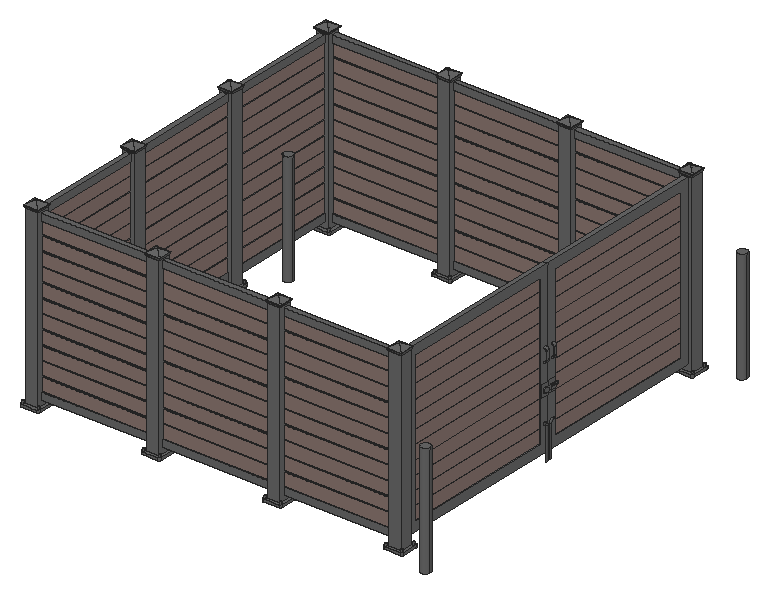
Revit family "Enclosure_System-CityScapes-Covrit-1313", category Specialty Equipment, Revit 2021
Family settings
  Round Connector Dimension = Use Diameter
  Part Type = Normal
  Work Plane-Based = No
  Always vertical = Yes
  Cut with Voids When Loaded = No
  Shared = No
  Room Calculation Point = No
Parameters (values of type "6' Height")
  Width = 13' - 0"  # constant formula
  URL = "https://cityscapesinc.com/"
  Square Posts Material [instance] = Aluminum - CityScapes - Electric Black
  Specification = "https://www.arcat.com/company/cityscapes-international-inc-40042/spec"
  Round Posts Material [instance] = Aluminum - CityScapes - Electric Black
  Product Page URL = "https://www.arcat.com/arcatcos/cos40/arc40042.html"
  Post Height = Square_Post-Covrit-CityScapes : Square Post 6'
  Panel Material [instance] = PVC Board - CityScapes - Plankwall - Sequoia
  Model = "Covrit 1313"  # constant formula
  Manufacturer = "CityScapes"  # constant formula
  Length = 13' - 0"  # constant formula
  Keynote = "32 35 00 "
  Height = 6' - 0"
  Frame Material [instance] = Aluminum - CityScapes - Electric Black
  Description = "Dumpster Enclosure, Single"  # constant formula
  Default Elevation = 0' - 0"
  Copyright = "© 2023 ARCAT"  # constant formula
  CAD Details = "https://www.arcat.com/company/cityscapes-international-inc-40042/cad"
Types (3): name | Post Height | Height
  6' Height | Square_Post-Covrit-CityScapes : Square Post 6' | 6' - 0"
  7' Height | Square_Post-Covrit-CityScapes : Square Post 7' | 7' - 0"
  8' Height | Square_Post-Covrit-CityScapes : Square Post 8' | 8' - 0"
Reference planes (in)
  plane 1 "Center (Front/Back)": y = 0
  plane 2: z = 0
  plane 3 "Center (Left/Right)": x = 0
  plane 4: x = 78
  plane 5: x = -78
  plane 6: y = 78
  plane 7: y = -78
  plane 8: z = 75.5
  plane 9: z = 3.5
Forms (in)
  Extrusion 1, solid, material "Aluminum - CityScapes - Electric Black" <- "Round Posts Material"
    sketch origin (0, 0, 0) x (1, 0, 0) y (0, 1, 0)
      loop
        circle (94.5, -85) r 2
      loop
        circle (94.5, 85) r 2
      loop
        circle (-65.99898, -41.96062) r 2
      loop
        circle (-66, 41.95054) r 2
    from 0 to 48
  Sweep 2, solid, material "Aluminum - CityScapes - Electric Black"
    path origin (3.52027, -0.03543, 0) x (0, 1, 0) y (0, 0, 1)
      loop
        line (-1, 0) -> (-1, 14)
        arc (-1, 14) -> (-1.29289, 14.70711) -> (-2, 15) r 1
        line (-2, 15) -> (-2.75, 15)
    profile origin (3.52027, -1.03543, 7) x (0, -1, 0) y (1, 0, 0)
      loop
        circle (0, 75.75) r 0.30152
  Sweep 3, solid, material "Aluminum - CityScapes - Electric Black"
    path origin (-8.5, 0, 0) x (1, 0, 0) y (0, 0, 1)
      loop
        line (87.46875, 38.76865) -> (87.96875, 38.76865)
        arc (87.96875, 38.76865) -> (88.67586, 39.06154) -> (88.96875, 39.76865) r 1
        line (88.96875, 39.76865) -> (88.96875, 43.26865)
        arc (88.96875, 43.26865) -> (88.67586, 43.97576) -> (87.96875, 44.26865) r 1
        line (87.96875, 44.26865) -> (87.46875, 44.26865)
    profile origin (80.46875, 0, 41.51865) x (-1, 0, 0) y (0, -1, 0)
      loop
        line (-0.125, -2.5) -> (0.125, -2.5) -> (0.125, -1.5) -> (-0.125, -1.5) -> (-0.125, -2.5)
      loop
        line (-0.125, 2.5) -> (-0.125, 1.5) -> (0.125, 1.5) -> (0.125, 2.5) -> (-0.125, 2.5)
  Sweep 4, solid, material "Aluminum - CityScapes - Electric Black"
    path origin (3.52027, 0.03543, 0) x (0, -1, 0) y (0, 0, -1)
      loop
        line (-1, 0) -> (-1, -14)
        arc (-1, -14) -> (-1.29289, -14.70711) -> (-2, -15) r 1
        line (-2, -15) -> (-2.75, -15)
    profile origin (3.52027, 1.03543, 7) x (0, -1, 0) y (1, 0, 0)
      loop
        circle (0, 75.75) r 0.30152
Lines and regions (in)
  symbolic lines
    curve 1: line (78, 75.5, 0) -> (154.31489, 75.5, 0)
    curve 2: arc (78.81489, 0, 0) -> (132.20145, 22.11344, 0) -> (154.31489, 75.5, 0) r 75.5
    curve 3: line (78, -75.5, 0) -> (154.31489, -75.5, 0)
    curve 4: arc (78.81489, 0, 0) -> (132.20145, -22.11344, 0) -> (154.31489, -75.5, 0) r 75.5
Dimensions and locks (in)
  "Width": plane 5 to plane 4
  "Length": plane 6 to plane 7
  "Height": plane 8 to plane 9
  plane 8 to plane 2 = 6' - 3 1/2"
  nested 11 to level = 0' - 3 1/2"
  nested 10 to nested 10 = 0' - 3 1/8"
  locked: nested 16 to plane 2 at 27.875
  locked: plane 9 to plane 2 at 3.5
  nested 2 to nested 15 to nested 3 = 6' - 3.49483", 6' - 3.37269"
  nested 1 to nested 8 to nested 18 to nested 3 = 4' - 4", 4' - 4", 4' - 4"
  nested 5 to nested 7 to nested 21 to nested 1 = 4' - 4", 4' - 4", 4' - 4"
  nested 5 to nested 6 to nested 17 to nested 2 = 4' - 4", 4' - 4", 4' - 4"
  nested 5 to nested 2 = 13' - 0"
  aligned and locked: plane 2 to level
  aligned and locked: nested 3 to plane 6
  aligned and locked: nested 2 to plane 7
  aligned and locked: plane 4 to nested 2
  aligned and locked: plane 4 to nested 3
  aligned and locked: plane 5 to nested 1
  aligned and locked: nested 1 to plane 6
  aligned and locked: nested 5 to plane 7
  aligned and locked: Extrusion 1 to plane 2
  aligned and locked: nested 2 to plane 2
  aligned and locked: nested 3 to plane 2
  aligned and locked: plane 2 to nested 2
  aligned and locked: nested 6 to plane 2
  aligned and locked: nested 8 to plane 2
  aligned and locked: plane 2 to nested 6
  aligned and locked: nested 5 to plane 5
  aligned and locked: nested 16 to plane 1 "Center (Front/Back)"
  aligned and locked: plane 4 to nested 14
  aligned and locked: plane 4 to nested 15
Automatic sketch dimensions
  Extrusion 1 sketch curve to Extrusion 1 sketch curve = 0' - 0"  (x8)
  plane 5 to Extrusion 1 sketch curve = 1' - 0"
  plane 5 to Extrusion 1 sketch curve = 1' - 0.00102"
  Extrusion 1 sketch curve to plane 7 = 0' - 7"
  plane 4 to Extrusion 1 sketch curve = 1' - 4 1/2"  (x2)
  plane 6 to Extrusion 1 sketch curve = 0' - 7"
  plane 1 "Center (Front/Back)" to Extrusion 1 sketch curve = 3' - 5.96062"
  Extrusion 1 sketch curve to plane 1 "Center (Front/Back)" = 3' - 5.95054"
  Extrusion 1 sketch curve to Extrusion 1 sketch curve = 0' - 2"  (x4)
  Sweep 2 sketch curve to level = 0' - 0"
  plane 1 "Center (Front/Back)" to Sweep 2 sketch curve = 0' - 2.03543"
  Sweep 2 sketch curve to Sweep 2 sketch curve = 0' - 1"
  level to Sweep 2 sketch curve = 1' - 2"
  Sweep 2 sketch curve to Sweep 2 sketch curve = 0' - 0 3/4"
  Sweep 2 sketch curve to profile plane = 0' - 0"
  profile plane to Sweep 2 sketch curve = 6' - 3 3/4"
  Sweep 4 sketch curve to level = 0' - 0"
  Sweep 4 sketch curve to plane 1 "Center (Front/Back)" = 0' - 2.03543"
  Sweep 4 sketch curve to Sweep 4 sketch curve = 0' - 1"
  level to Sweep 4 sketch curve = 1' - 2"
  Sweep 4 sketch curve to Sweep 4 sketch curve = 0' - 0 3/4"
  Sweep 4 sketch curve to profile plane = 0' - 0"
  profile plane to Sweep 4 sketch curve = 6' - 3 3/4"
  curve 1 to plane 6 = 0' - 2 1/2"
  plane 7 to curve 3 = 0' - 2 1/2"
  plane 1 "Center (Front/Back)" to curve 2 = 0' - 0"
  curve 4 to plane 1 "Center (Front/Back)" = 0' - 0"
  plane 4 to curve 4 = 0' - 0.81489"
  plane 4 to curve 2 = 0' - 0.81489"
  curve 3 to curve 4 = 0' - 0.81489"
  curve 1 to curve 2 = 0' - 0.81489"
  Sweep 3 sketch curve to Sweep 3 sketch curve = 0' - 1"  (x4)
  level to Sweep 3 sketch curve = 3' - 2.76865"
  Sweep 3 sketch curve to Sweep 3 sketch curve = 0' - 3 1/2"
  Sweep 3 sketch curve to Sweep 3 sketch curve = 0' - 0 1/2"  (x2)
  profile plane to Sweep 3 sketch curve = 0' - 0 1/8"  (x2)
  Sweep 3 sketch curve to profile plane = 0' - 0 1/8"  (x2)
  Sweep 3 sketch curve to plane 1 "Center (Front/Back)" = 0' - 2 1/2"
  plane 1 "Center (Front/Back)" to Sweep 3 sketch curve = 0' - 1 1/2"
  plane 4 to Sweep 3 sketch curve = 0' - 1 15/32"
  radius of Sweep 2 sketch curve = 0' - 0.30152"
  radius of Sweep 4 sketch curve = 0' - 0.30152"
Nested families (in)
  nested 1: "Square_Post-Covrit-CityScapes" at (-78, 78, 0), type <- "Post Height", type "Square Post 6'"
  nested 2: "Square_Post-Covrit-CityScapes" at (78, -78, 0), type <- "Post Height", type "Square Post 6'"
  nested 3: "Square_Post-Covrit-CityScapes" at (78, 78, 0), type <- "Post Height", type "Square Post 6'"
  nested 4: "Panel-Covrit-CityScapes" at (-51.99929, 76.96875, 3.5) x (0, 1, 0) z (0, 0, 1), FRAME MATERIAL <- "Frame Material", MATERIAL <- "Panel Material", type "Panel"
    with Panel_Length 3' - 10 189/256", MATERIAL PVC Board - CityScapes - Plankwall - Sequoia, FRAME MATERIAL Aluminum - CityScapes - Electric Black, Planks Qunatity Aux 11, Planks Quantity 12, Panel_Height 6' - 0", Gap Between Planks 0' - 5 1/2"
  nested 5: "Square_Post-Covrit-CityScapes" at (-78, -78, 0), type <- "Post Height", type "Square Post 6'"
  nested 6: "Square_Post-Covrit-CityScapes" at (-26, -78, 0), type <- "Post Height", type "Square Post 6'"
  nested 7: "Square_Post-Covrit-CityScapes" at (-78, -26, 0), type <- "Post Height", type "Square Post 6'"
  nested 8: "Square_Post-Covrit-CityScapes" at (-26, 78, 0), type <- "Post Height", type "Square Post 6'"
  nested 9: "Panel-Covrit-CityScapes" at (51.99929, 76.96875, 3.5) x (0, 1, 0) z (0, 0, 1), FRAME MATERIAL <- "Frame Material", MATERIAL <- "Panel Material", type "Panel"
    with Panel_Length 3' - 10 189/256", MATERIAL PVC Board - CityScapes - Plankwall - Sequoia, FRAME MATERIAL Aluminum - CityScapes - Electric Black, Planks Qunatity Aux 11, Planks Quantity 12, Panel_Height 6' - 0", Gap Between Planks 0' - 5 1/2"
  nested 10: "Panel-Covrit-CityScapes" at (-51.99929, -76.96875, 3.5) x (0, -1, 0) z (0, 0, 1), FRAME MATERIAL <- "Frame Material", MATERIAL <- "Panel Material", type "Panel"
    with Panel_Length 3' - 10 189/256", MATERIAL PVC Board - CityScapes - Plankwall - Sequoia, FRAME MATERIAL Aluminum - CityScapes - Electric Black, Planks Qunatity Aux 11, Planks Quantity 12, Panel_Height 6' - 0", Gap Between Planks 0' - 5 1/2"
  nested 11: "Panel-Covrit-CityScapes" at (51.99929, -76.96875, 3.5) x (0, -1, 0) z (0, 0, 1), FRAME MATERIAL <- "Frame Material", MATERIAL <- "Panel Material", type "Panel"
    with Panel_Length 3' - 10 189/256", MATERIAL PVC Board - CityScapes - Plankwall - Sequoia, FRAME MATERIAL Aluminum - CityScapes - Electric Black, Planks Qunatity Aux 11, Planks Quantity 12, Panel_Height 6' - 0", Gap Between Planks 0' - 5 1/2"
  nested 12: "Panel-Covrit-CityScapes" at (-76.96875, -52.06107, 3.5) x (-1, 0, 0) z (0, 0, 1), FRAME MATERIAL <- "Frame Material", MATERIAL <- "Panel Material", type "Panel"
    with Panel_Length 3' - 10.86752", MATERIAL PVC Board - CityScapes - Plankwall - Sequoia, FRAME MATERIAL Aluminum - CityScapes - Electric Black, Planks Qunatity Aux 11, Planks Quantity 12, Panel_Height 6' - 0", Gap Between Planks 0' - 5 1/2"
  nested 13: "Panel-Covrit-CityScapes" at (-77.03125, 51.93751, 3.5) x (-1, 0, 0) z (0, 0, 1), FRAME MATERIAL <- "Frame Material", MATERIAL <- "Panel Material", type "Panel"
    with Panel_Length 3' - 10.86468", MATERIAL PVC Board - CityScapes - Plankwall - Sequoia, FRAME MATERIAL Aluminum - CityScapes - Electric Black, Planks Qunatity Aux 11, Planks Quantity 12, Panel_Height 6' - 0", Gap Between Planks 0' - 5 1/2"
  nested 14: "Gate-Panel-CityScapes" at (76.96875, 37.75, 3.5), FRAME MATERIAL <- "Frame Material", MATERIAL <- "Panel Material", type "Gate Panel"
    with Planks Length 5' - 7 1/2", Panel_Length 6' - 3 1/2", MATERIAL PVC Board - CityScapes - Plankwall - Sequoia, FRAME MATERIAL Aluminum - CityScapes - Electric Black, Planks Qunatity Aux 11, Planks Quantity 12, Panel_Height 6' - 0", Gap Between Planks 0' - 5 1/2"
  nested 15: "Gate-Panel-CityScapes" at (76.96875, -37.75, 3.5), FRAME MATERIAL <- "Frame Material", MATERIAL <- "Panel Material", type "Gate Panel"
    with Planks Length 5' - 7 1/2", Panel_Length 6' - 3 1/2", MATERIAL PVC Board - CityScapes - Plankwall - Sequoia, FRAME MATERIAL Aluminum - CityScapes - Electric Black, Planks Qunatity Aux 11, Planks Quantity 12, Panel_Height 6' - 0", Gap Between Planks 0' - 5 1/2"
  nested 16: "Gate-CityScapes-Modern_Latch" at (78, 0, 27.875) x (0, 1, 0) z (0, 0, 1), type "Latch"
  nested 17: "Square_Post-Covrit-CityScapes" at (26, -78, 0), type <- "Post Height", type "Square Post 6'"
  nested 18: "Square_Post-Covrit-CityScapes" at (26, 78, 0), type <- "Post Height", type "Square Post 6'"
  nested 19: "Panel-Covrit-CityScapes" at (0.00071, 76.96875, 3.5) x (0, 1, 0) z (0, 0, 1), FRAME MATERIAL <- "Frame Material", MATERIAL <- "Panel Material", type "Panel"
    with Panel_Length 3' - 10 189/256", MATERIAL PVC Board - CityScapes - Plankwall - Sequoia, FRAME MATERIAL Aluminum - CityScapes - Electric Black, Planks Qunatity Aux 11, Planks Quantity 12, Panel_Height 6' - 0", Gap Between Planks 0' - 5 1/2"
  nested 20: "Panel-Covrit-CityScapes" at (0.00071, -76.96875, 3.5) x (0, -1, 0) z (0, 0, 1), FRAME MATERIAL <- "Frame Material", MATERIAL <- "Panel Material", type "Panel"
    with Panel_Length 3' - 10 189/256", MATERIAL PVC Board - CityScapes - Plankwall - Sequoia, FRAME MATERIAL Aluminum - CityScapes - Electric Black, Planks Qunatity Aux 11, Planks Quantity 12, Panel_Height 6' - 0", Gap Between Planks 0' - 5 1/2"
  nested 21: "Square_Post-Covrit-CityScapes" at (-78, 26, 0), type <- "Post Height", type "Square Post 6'"
  nested 22: "Panel-Covrit-CityScapes" at (-77.03125, -0.06249, 3.5) x (-1, 0, 0) z (0, 0, 1), FRAME MATERIAL <- "Frame Material", MATERIAL <- "Panel Material", type "Panel"
    with Panel_Length 3' - 10.86468", MATERIAL PVC Board - CityScapes - Plankwall - Sequoia, FRAME MATERIAL Aluminum - CityScapes - Electric Black, Planks Qunatity Aux 11, Planks Quantity 12, Panel_Height 6' - 0", Gap Between Planks 0' - 5 1/2"
Definition of nested family "Square_Post-Covrit-CityScapes"
  Parameters (values of type "Square Post 7'")
    TPost_Height = 7' - 4"
    Post_DIM = 0' - 8.2682"
    Post Material = none
    Default Elevation = 0' - 0"
  Types (3): name | TPost_Height | Post_DIM
    Square Post 6' | 6' - 4" | 0' - 8.26536"
    Square Post 7' | 7' - 4" | 0' - 8.2682"
    Square Post 8' | 8' - 4" | 0' - 8.2682"
  Reference planes (in)
    plane 1 "Center (Front/Back)": y = 0
    plane 2: z = 0
    plane 3 "Center (Left/Right)": x = 0
    plane 4: x = 4.1341
    plane 5: y = 4.1341
    plane 6: y = -4.1341
    plane 7: x = -4.1341
    plane 8: z = 88
  Forms (in)
    Extrusion 1, solid, material <- "Post Material"
      sketch origin (0, 0, 0) x (1, 0, 0) y (0, 1, 0)
        loop
          line (2.63157, 2.50517) -> (-2.63157, 2.50517) -> (-2.63157, -2.63015) -> (2.63157, -2.63015) -> (2.63157, 2.50517)
      from 0 to 88
    Sweep 2, solid, material <- "Post Material"
      path in 3D
        loop
          line (-2.63157, 2.50517, 88) -> (-2.63157, -2.63015, 88) -> (2.63157, -2.63015, 88) -> (2.63157, 2.50517, 88) -> (-2.63157, 2.50517, 88)
      profile origin (0, 2.50517, 88) x (0, -1, 0) y (0, 0, 1)
        loop
          line (0, 0) -> (0, 0.0625) -> (-0.5, 0.92853) -> (-0.5, 1.1985) -> (2.50517, 2.93353) -> (2.50517, 2.96962) -> (-0.53125, 1.21654) -> (-0.53125, 0.92015) -> (0, 0)
    Extrusion 3, solid, material <- "Post Material"
      sketch origin (0, 0, 0) x (1, 0, 0) y (0, 1, 0)
        loop
          line (4.1341, -3.43396) -> (4.1341, 3.43396)
          arc (4.1341, 3.43396) -> (3.92903, 3.92903) -> (3.43396, 4.1341) r 0.70014
          line (3.43396, 4.1341) -> (-3.43396, 4.1341)
          arc (-3.43396, 4.1341) -> (-3.92903, 3.92903) -> (-4.1341, 3.43396) r 0.70014
          line (-4.1341, 3.43396) -> (-4.1341, -3.43396)
          arc (-4.1341, -3.43396) -> (-3.92903, -3.92903) -> (-3.43396, -4.1341) r 0.70014
          line (-3.43396, -4.1341) -> (3.43396, -4.1341)
          arc (3.43396, -4.1341) -> (3.92903, -3.92903) -> (4.1341, -3.43396) r 0.70014
      from 0 to 1
    Extrusion 4, solid, material <- "Post Material"
      sketch origin (0, 0, 0) x (1, 0, 0) y (0, 1, 0)
        loop
          circle (-3.38236, 3.27648) r 0.32836
        loop
          circle (3.29243, 3.27648) r 0.32836
        loop
          circle (3.29243, -3.27648) r 0.32836
        loop
          circle (-3.38236, -3.27648) r 0.32836
      from 0 to 2
  Cuts and joins
    joined: Extrusion 1, Sweep 2, Extrusion 3, Extrusion 4
  Lines and regions (in)
    sketch lines
      curve 1: line (2.63157, 2.50517, 88) -> (-2.63157, 2.50517, 88)
      curve 2: line (2.63157, -2.63015, 88) -> (2.63157, 2.50517, 88)
      curve 3: line (-2.63157, -2.63015, 88) -> (2.63157, -2.63015, 88)
      curve 4: line (-2.63157, 2.50517, 88) -> (-2.63157, -2.63015, 88)
  Dimensions and locks (in)
    "Post_DIM": plane 5 to plane 6
    "Post_DIM": plane 7 to plane 4
    "TPost_Height": plane 8 to plane 2
    equal spacing: cut or joined group of Extrusion 1, Sweep 2, Extrusion 3, Extrusion 4, plane 3 "Center (Left/Right)", cut or joined group of Extrusion 1, Sweep 2, Extrusion 3, Extrusion 4
    equal spacing: plane 7, plane 3 "Center (Left/Right)", plane 4
    aligned and locked: plane 2 to level
    aligned and locked: plane 8 to Extrusion 1
    aligned and locked: Extrusion 1 to plane 2
    aligned and locked: Sweep 2 sketch curve to profile plane
    aligned and locked: cut or joined group of Extrusion 1, Sweep 2, Extrusion 3, Extrusion 4 to plane 7
    aligned and locked: plane 4 to cut or joined group of Extrusion 1, Sweep 2, Extrusion 3, Extrusion 4
  Automatic sketch dimensions
    Extrusion 3 sketch curve to plane 6 = 0' - 0"
    Extrusion 3 sketch curve to plane 5 = 0' - 0"
    Extrusion 3 sketch curve to plane 4 = 0' - 0"
    Extrusion 3 sketch curve to plane 4 = 0' - 0.70014"  (x2)
    plane 7 to Extrusion 3 sketch curve = 0' - 0.70014"  (x2)
    plane 7 to Extrusion 3 sketch curve = 0' - 0"
    plane 7 to Extrusion 4 sketch curve = 0' - 0.75175"  (x2)
    Extrusion 4 sketch curve to plane 5 = 0' - 0.85762"  (x2)
    Extrusion 4 sketch curve to Extrusion 4 sketch curve = 0' - 0.32836"  (x4)
    Extrusion 4 sketch curve to plane 4 = 0' - 0.84167"  (x2)
    plane 6 to Extrusion 4 sketch curve = 0' - 0.85762"  (x2)
    Extrusion 4 sketch curve to Extrusion 4 sketch curve = 0' - 0"  (x2)
    plane 7 to Extrusion 1 sketch curve = 0' - 1.50253"
    plane 6 to Extrusion 1 sketch curve = 0' - 1.50395"
    Extrusion 1 sketch curve to plane 4 = 0' - 1.50253"
    Extrusion 1 sketch curve to plane 5 = 0' - 1.62893"
    Sweep 2 sketch curve to profile plane = 0' - 0"
    profile plane to Sweep 2 sketch curve = 0' - 0 1/2"
    Sweep 2 sketch curve to Sweep 2 sketch curve = 0' - 0 1/32"
    profile plane to Sweep 2 sketch curve = 0' - 0 1/16"
    profile plane to Sweep 2 sketch curve = 0' - 0.92015"
    Sweep 2 sketch curve to Sweep 2 sketch curve = 0' - 0.00837"
    Sweep 2 sketch curve to Sweep 2 sketch curve = 0' - 0.26997"
    Sweep 2 sketch curve to Sweep 2 sketch curve = 0' - 0.01804"
    Sweep 2 sketch curve to profile plane = 0' - 2.50517"
    Sweep 2 sketch curve to Sweep 2 sketch curve = 0' - 1.73504"
    Sweep 2 sketch curve to Sweep 2 sketch curve = 0' - 0.03608"
Definition of nested family "Panel-Covrit-CityScapes"
  Parameters (values of type "Covrit Panel")
    Planks Qunatity Aux = (Panel_Height - (0' 3 1/8" * 2) - Gap Between Planks) / 0' 5 1/2"  # 15
    Planks Quantity = (Panel_Height - (0' 3 1/8" * 2)) / 0' 5 1/2"  # 16
    Trim_Depth = 0' - 0 23/32"
    SOLID PANEL DEPTH = 0' - 1"
    Profile_Height = 0' - 5 1/2"  # constant formula
    Panel_Length [instance] = 6' - 0"
    Panel_Height = 8' - 0"
    MATERIAL [instance] = none
    Gap Between Planks = (Planks Quantity - 1) * 0' 0 1/2"  # 0' - 7 1/2"
    FRAME WIDTH = 0' - 3 1/8"  # constant formula
    FRAME MATERIAL [instance] = none
    FRAME DEPTH = 0' - 2"  # constant formula
    Description = ""
    Default Elevation = 0' - 0"
  Reference planes (in)
    plane 1 "Center (Front/Back)": y = 0
    plane 2: z = 0
    plane 3 "Center (Left/Right)": x = 0
    plane 4 "FrameLeft": y = 36
    plane 5 "FrameRight": y = -36
    plane 6 "top": z = 96
    plane 7 "framebottom": z = 92.875
    plane 8: z = 3.125
    plane 9: z = 48
    plane 10: x = 1.03125
    plane 11: x = 2
  Forms (in)
    Extrusion 1, solid, material <- "FRAME MATERIAL"
      sketch origin (0, 0, 0) x (0, 1, 0) y (0, 0, 1)
        loop
          line (36, 0) -> (36, 3.125) -> (-36, 3.125) -> (-36, 0) -> (36, 0)
        loop
          line (36, 96) -> (-36, 96) -> (-36, 92.875) -> (36, 92.875) -> (36, 96)
      from 0 to 2
    Extrusion 2, solid
      sketch origin (0, 0, 0) x (1, 0, 0) y (0, 0, 1)
        loop
          line (1.09375, 3.125) -> (1.09375, 92.875) -> (0.96875, 92.875) -> (0.96875, 3.125) -> (1.09375, 3.125)
      from -36 to 36
  Text (in)
    text "EXTERIOR" at (58.92048, 7.19966, 0), in view "Ref. Level"
    text "EXTERIOR" at (58.92048, 7.19966, 0), in view "Ref. Level Copy 1"
    text "EXTERIOR" at (40.89755, 0, 33.52979), in view "Side"
  Dimensions and locks (in)
    "Panel_Length": plane 4 "FrameLeft" to plane 5 "FrameRight"
    equal spacing: plane 4 "FrameLeft", plane 1 "Center (Front/Back)", plane 5 "FrameRight"  (x2)
    "FRAME WIDTH": plane 6 "top" to plane 7 "framebottom"
    "FRAME WIDTH": plane 8 to plane 2
    plane 4 "FrameLeft" to plane 5 "FrameRight" = 6' - 0"  (x2)
    equal spacing: plane 6 "top", plane 9, plane 2
    "Panel_Height": plane 6 "top" to plane 2
    plane 6 "top" to plane 2 = 8' - 0"
    equal spacing: group 1, group 3, group 4, group 5, group 6, group 7, group 8, group 9, group 10, group 11, group 12, group 13, group 14, group 15, group 2  (x3)
    "FRAME DEPTH": plane 11 to plane 3 "Center (Left/Right)"
    Extrusion 2 sketch curve to plane 10 to Extrusion 2 sketch curve = 0' - 0 1/16" locked, 0' - 0 1/16" locked
    aligned and locked: plane 2 to level
    aligned and locked: plane 4 "FrameLeft" to Extrusion 1 sketch curve
    aligned and locked: plane 6 "top" to Extrusion 1 sketch curve
    aligned and locked: plane 5 "FrameRight" to Extrusion 1 sketch curve
    aligned and locked: plane 2 to Extrusion 1 sketch curve
    aligned and locked: plane 7 "framebottom" to Extrusion 1 sketch curve
    aligned and locked: Extrusion 1 sketch curve to plane 8
    aligned and locked: Extrusion 1 to plane 3 "Center (Left/Right)"
    aligned and locked: nested 1 to plane 4 "FrameLeft"
    aligned and locked: nested 1 to plane 8
    aligned and locked: plane 10 to nested 1
    aligned and locked: plane 7 "framebottom" to nested 2
    aligned and locked: plane 10 to nested 2
    aligned and locked: plane 11 to Extrusion 1
    aligned and locked: plane 8 to Extrusion 2 sketch curve
    aligned and locked: Extrusion 2 sketch curve to plane 7 "framebottom"
    aligned and locked: plane 4 "FrameLeft" to Extrusion 2
    aligned and locked: Extrusion 2 to plane 5 "FrameRight"
  Automatic sketch dimensions
    Extrusion 1 sketch curve to plane 5 "FrameRight" = 0' - 0"
    Extrusion 1 sketch curve to plane 4 "FrameLeft" = 0' - 0"
  Nested families (in)
    nested 1: "PANEL TRIM" at (1.03125, 0, 3.125), MATERIAL <- "MATERIAL", type "PANEL TRIM"
      with Profile_Length 6' - 0", Profile_Height 0' - 5 1/2"
    nested 2: "PANEL TRIM" at (1.03125, 0, 87.375), MATERIAL <- "MATERIAL", type "PANEL TRIM"
      with Profile_Length 6' - 0", Profile_Height 0' - 5 1/2"
    nested 3: "PANEL TRIM" at (1.03125, 0, 9.14286), MATERIAL <- "MATERIAL", type "PANEL TRIM"
      with Profile_Length 6' - 0", Profile_Height 0' - 5 1/2"
    nested 4: "PANEL TRIM" at (1.03125, 0, 15.16071), MATERIAL <- "MATERIAL", type "PANEL TRIM"
      with Profile_Length 6' - 0", Profile_Height 0' - 5 1/2"
    nested 5: "PANEL TRIM" at (1.03125, 0, 21.17857), MATERIAL <- "MATERIAL", type "PANEL TRIM"
      with Profile_Length 6' - 0", Profile_Height 0' - 5 1/2"
    nested 6: "PANEL TRIM" at (1.03125, 0, 27.19643), MATERIAL <- "MATERIAL", type "PANEL TRIM"
      with Profile_Length 6' - 0", Profile_Height 0' - 5 1/2"
    nested 7: "PANEL TRIM" at (1.03125, 0, 33.21429), MATERIAL <- "MATERIAL", type "PANEL TRIM"
      with Profile_Length 6' - 0", Profile_Height 0' - 5 1/2"
    nested 8: "PANEL TRIM" at (1.03125, 0, 39.23214), MATERIAL <- "MATERIAL", type "PANEL TRIM"
      with Profile_Length 6' - 0", Profile_Height 0' - 5 1/2"
    nested 9: "PANEL TRIM" at (1.03125, 0, 45.25), MATERIAL <- "MATERIAL", type "PANEL TRIM"
      with Profile_Length 6' - 0", Profile_Height 0' - 5 1/2"
    nested 10: "PANEL TRIM" at (1.03125, 0, 51.26786), MATERIAL <- "MATERIAL", type "PANEL TRIM"
      with Profile_Length 6' - 0", Profile_Height 0' - 5 1/2"
    nested 11: "PANEL TRIM" at (1.03125, 0, 57.28571), MATERIAL <- "MATERIAL", type "PANEL TRIM"
      with Profile_Length 6' - 0", Profile_Height 0' - 5 1/2"
    nested 12: "PANEL TRIM" at (1.03125, 0, 63.30357), MATERIAL <- "MATERIAL", type "PANEL TRIM"
      with Profile_Length 6' - 0", Profile_Height 0' - 5 1/2"
    nested 13: "PANEL TRIM" at (1.03125, 0, 69.32143), MATERIAL <- "MATERIAL", type "PANEL TRIM"
      with Profile_Length 6' - 0", Profile_Height 0' - 5 1/2"
    nested 14: "PANEL TRIM" at (1.03125, 0, 75.33929), MATERIAL <- "MATERIAL", type "PANEL TRIM"
      with Profile_Length 6' - 0", Profile_Height 0' - 5 1/2"
    nested 15: "PANEL TRIM" at (1.03125, 0, 81.35714), MATERIAL <- "MATERIAL", type "PANEL TRIM"
      with Profile_Length 6' - 0", Profile_Height 0' - 5 1/2"
  Definition of nested family "PANEL TRIM"
    Parameters (values of type "PANEL TRIM")
      Profile_Length = 5' - 6"
      Profile_Height = 0' - 5"
      Profile_Depth = 0' - 0 23/32"
      MATERIAL [instance] = none
      Default Elevation = 0' - 0"
    Reference planes (in)
      plane 1 "Center (Front/Back)": y = 0
      plane 2: z = 0
      plane 3 "Center (Left/Right)": x = 0
      plane 4: z = 5
      plane 5: y = 33
      plane 6: y = -33
    Forms (in)
      Extrusion 1, solid, material <- "MATERIAL"
        sketch origin (-0.35938, 0, 0) x (1, 0, 0) y (0, 1, 0)
          loop
            line (-0.14062, 33) -> (-0.14062, -33) -> (0.85938, -33) -> (0.85938, 33) -> (-0.14062, 33)
        from 0 to 5
    Dimensions and locks (in)
      equal spacing: plane 6, plane 1 "Center (Front/Back)", plane 5
      "Profile_Length": plane 6 to plane 5
      "Profile_Height": plane 4 to plane 2
      aligned and locked: plane 2 to level
      aligned and locked: plane 5 to Extrusion 1 sketch curve
      aligned and locked: Extrusion 1 sketch curve to plane 6
      aligned and locked: plane 4 to Extrusion 1
      aligned and locked: Extrusion 1 to plane 2
    Automatic sketch dimensions
      Extrusion 1 sketch curve to plane 3 "Center (Left/Right)" = 0' - 0 1/2"
      plane 3 "Center (Left/Right)" to Extrusion 1 sketch curve = 0' - 0 1/2"
Definition of nested family "Gate-Panel-CityScapes"
  Parameters (values of type "Covrit Panel 1111 -  7'")
    Planks Qunatity Aux = (Panel_Height - (0' 4" * 2) - Gap Between Planks) / 0' 5 1/2"  # 13
    Planks Quantity = (Panel_Height - (0' 4" * 2)) / 0' 5 1/2"  # 14
    Trim_Depth = 0' - 0 23/32"
    SOLID PANEL DEPTH = 0' - 1"
    Profile_Height = 0' - 5 1/2"  # constant formula
    Planks Length [instance] = Panel_Length - (FRAME WIDTH * 2)  # 5' - 4"
    Panel_Length [instance] = 6' - 0"
    Panel_Height = 7' - 0"
    MATERIAL [instance] = none
    Gap Between Planks = (Planks Quantity - 1) * 0' 0 1/2"  # 0' - 6 1/2"
    FRAME WIDTH = 0' - 4"  # constant formula
    FRAME MATERIAL [instance] = none
    FRAME DEPTH = 0' - 2"  # constant formula
    Description = ""
    Default Elevation = 0' - 0"
  Types (3): name | Planks Qunatity Aux | Planks Quantity | Planks Length | Panel_Length | Panel_Height | Gap Between Planks
    Covrit Panel 1111 -  6' | 11 | 12 | 4' - 10" | 5' - 6" | 6' - 0" | 0' - 5 1/2"
    Covrit Panel 1111 -  7' | 13 | 14 | 5' - 4" | 6' - 0" | 7' - 0" | 0' - 6 1/2"
    Covrit Panel 1111 -  8' | 15 | 16 | 5' - 4" | 6' - 0" | 8' - 0" | 0' - 7 1/2"
  Reference planes (in)
    plane 1 "Center (Front/Back)": y = 0
    plane 2: z = 0
    plane 3 "Center (Left/Right)": x = 0
    plane 4 "FrameLeft": y = 36
    plane 5 "FrameRight": y = -36
    plane 6 "top": z = 84
    plane 7 "framebottom": z = 80
    plane 8: z = 4
    plane 9: z = 42
    plane 10: x = 1.03125
    plane 11: x = 2
    plane 12: y = -32
    plane 13: y = 32
  Forms (in)
    Extrusion 1, solid, material <- "FRAME MATERIAL"
      sketch origin (0, 0, 0) x (0, 1, 0) y (0, 0, 1)
        loop
          line (36, 0) -> (36, 84) -> (-36, 84) -> (-36, 0) -> (36, 0)
        loop
          line (32, 80) -> (-32, 80) -> (-32, 4) -> (32, 4) -> (32, 80)
      from 0 to 2
    Extrusion 2, solid
      sketch origin (0, 0, 0) x (1, 0, 0) y (0, 0, 1)
        loop
          line (1.09375, 4) -> (1.09375, 80) -> (0.96875, 80) -> (0.96875, 4) -> (1.09375, 4)
      from -32 to 32
  Text (in)
    text "EXTERIOR" at (58.92048, 7.19966, 0), in view "Ref. Level"
    text "EXTERIOR" at (58.92048, 7.19966, 0), in view "Ref. Level Copy 1"
    text "EXTERIOR" at (40.89755, 0, 33.52979), in view "Side"
  Dimensions and locks (in)
    "Panel_Length": plane 4 "FrameLeft" to plane 5 "FrameRight"
    equal spacing: plane 4 "FrameLeft", plane 1 "Center (Front/Back)", plane 5 "FrameRight"  (x2)
    "FRAME WIDTH": plane 6 "top" to plane 7 "framebottom"
    "FRAME WIDTH": plane 8 to plane 2
    plane 4 "FrameLeft" to plane 5 "FrameRight" = 6' - 0"  (x2)
    equal spacing: plane 6 "top", plane 9, plane 2
    "Panel_Height": plane 6 "top" to plane 2
    plane 6 "top" to plane 2 = 7' - 0"
    equal spacing: group 1, group 3, group 4, group 5, group 6, group 7, group 8, group 9, group 10, group 11, group 12, group 13, group 2  (x3)
    "FRAME DEPTH": plane 11 to plane 3 "Center (Left/Right)"
    Extrusion 2 sketch curve to plane 10 to Extrusion 2 sketch curve = 0' - 0 1/16" locked, 0' - 0 1/16" locked
    "FRAME WIDTH": plane 5 "FrameRight" to Extrusion 1 sketch curve
    "FRAME WIDTH": Extrusion 1 sketch curve to plane 4 "FrameLeft"
    "FRAME WIDTH": plane 5 "FrameRight" to plane 12
    "FRAME WIDTH": plane 13 to plane 4 "FrameLeft"
    aligned and locked: plane 2 to level
    aligned and locked: plane 4 "FrameLeft" to Extrusion 1 sketch curve
    aligned and locked: plane 6 "top" to Extrusion 1 sketch curve
    aligned and locked: plane 5 "FrameRight" to Extrusion 1 sketch curve
    aligned and locked: plane 2 to Extrusion 1 sketch curve
    aligned and locked: plane 7 "framebottom" to Extrusion 1 sketch curve
    aligned and locked: plane 8 to Extrusion 1 sketch curve
    aligned and locked: Extrusion 1 to plane 3 "Center (Left/Right)"
    aligned and locked: nested 1 to plane 8
    aligned and locked: plane 10 to nested 1
    aligned and locked: plane 7 "framebottom" to nested 2
    aligned and locked: plane 10 to nested 2
    aligned and locked: plane 11 to Extrusion 1
    aligned and locked: plane 8 to Extrusion 2 sketch curve
    aligned and locked: Extrusion 2 sketch curve to plane 7 "framebottom"
    aligned and locked: plane 1 "Center (Front/Back)" to nested 1
    aligned and locked: plane 13 to Extrusion 2
    aligned and locked: plane 12 to Extrusion 2
  Nested families (in)
    nested 1: "PANEL TRIM" at (1.03125, 0, 4), MATERIAL <- "MATERIAL", type "PANEL TRIM"
      with Profile_Length 5' - 4", Profile_Height 0' - 5 1/2"
    nested 2: "PANEL TRIM" at (1.03125, 0, 74.5), MATERIAL <- "MATERIAL", type "PANEL TRIM"
      with Profile_Length 5' - 4", Profile_Height 0' - 5 1/2"
    nested 3: "PANEL TRIM" at (1.03125, 0, 9.875), MATERIAL <- "MATERIAL", type "PANEL TRIM"
      with Profile_Length 5' - 4", Profile_Height 0' - 5 1/2"
    nested 4: "PANEL TRIM" at (1.03125, 0, 15.75), MATERIAL <- "MATERIAL", type "PANEL TRIM"
      with Profile_Length 5' - 4", Profile_Height 0' - 5 1/2"
    nested 5: "PANEL TRIM" at (1.03125, 0, 21.625), MATERIAL <- "MATERIAL", type "PANEL TRIM"
      with Profile_Length 5' - 4", Profile_Height 0' - 5 1/2"
    nested 6: "PANEL TRIM" at (1.03125, 0, 27.5), MATERIAL <- "MATERIAL", type "PANEL TRIM"
      with Profile_Length 5' - 4", Profile_Height 0' - 5 1/2"
    nested 7: "PANEL TRIM" at (1.03125, 0, 33.375), MATERIAL <- "MATERIAL", type "PANEL TRIM"
      with Profile_Length 5' - 4", Profile_Height 0' - 5 1/2"
    nested 8: "PANEL TRIM" at (1.03125, 0, 39.25), MATERIAL <- "MATERIAL", type "PANEL TRIM"
      with Profile_Length 5' - 4", Profile_Height 0' - 5 1/2"
    nested 9: "PANEL TRIM" at (1.03125, 0, 45.125), MATERIAL <- "MATERIAL", type "PANEL TRIM"
      with Profile_Length 5' - 4", Profile_Height 0' - 5 1/2"
    nested 10: "PANEL TRIM" at (1.03125, 0, 51), MATERIAL <- "MATERIAL", type "PANEL TRIM"
      with Profile_Length 5' - 4", Profile_Height 0' - 5 1/2"
    nested 11: "PANEL TRIM" at (1.03125, 0, 56.875), MATERIAL <- "MATERIAL", type "PANEL TRIM"
      with Profile_Length 5' - 4", Profile_Height 0' - 5 1/2"
    nested 12: "PANEL TRIM" at (1.03125, 0, 62.75), MATERIAL <- "MATERIAL", type "PANEL TRIM"
      with Profile_Length 5' - 4", Profile_Height 0' - 5 1/2"
    nested 13: "PANEL TRIM" at (1.03125, 0, 68.625), MATERIAL <- "MATERIAL", type "PANEL TRIM"
      with Profile_Length 5' - 4", Profile_Height 0' - 5 1/2"
  Definition of nested family "PANEL TRIM"
    Parameters (values of type "PANEL TRIM")
      Profile_Length = 5' - 6"
      Profile_Height = 0' - 5"
      Profile_Depth = 0' - 0 23/32"
      MATERIAL [instance] = none
      Default Elevation = 0' - 0"
    Reference planes (in)
      plane 1 "Center (Front/Back)": y = 0
      plane 2: z = 0
      plane 3 "Center (Left/Right)": x = 0
      plane 4: z = 5
      plane 5: y = 33
      plane 6: y = -33
    Forms (in)
      Extrusion 1, solid, material <- "MATERIAL"
        sketch origin (-0.35938, 0, 0) x (1, 0, 0) y (0, 1, 0)
          loop
            line (-0.14062, 33) -> (-0.14062, -33) -> (0.85938, -33) -> (0.85938, 33) -> (-0.14062, 33)
        from 0 to 5
    Dimensions and locks (in)
      equal spacing: plane 6, plane 1 "Center (Front/Back)", plane 5
      "Profile_Length": plane 6 to plane 5
      "Profile_Height": plane 4 to plane 2
      aligned and locked: plane 2 to level
      aligned and locked: plane 5 to Extrusion 1 sketch curve
      aligned and locked: Extrusion 1 sketch curve to plane 6
      aligned and locked: plane 4 to Extrusion 1
      aligned and locked: Extrusion 1 to plane 2
    Automatic sketch dimensions
      Extrusion 1 sketch curve to plane 3 "Center (Left/Right)" = 0' - 0 1/2"
      plane 3 "Center (Left/Right)" to Extrusion 1 sketch curve = 0' - 0 1/2"
Definition of nested family "Gate-CityScapes-Modern_Latch"
  Parameters (values of type "Latch")
    URL = ""
    Product Page URL = ""
    Model = ""
    Manufacturer = "CityScapes"  # constant formula
    Keynote = ""
    Description = ""
    Default Elevation = 0' - 0"
    Copyright = "© 2023 ARCAT"  # constant formula
    CAD Details = ""
  Reference planes (in)
    plane 1 "Center (Front/Back)": y = 0
    plane 2: z = 0
    plane 3 "Center (Left/Right)": x = 0
    plane 4: y = -0.96875
  Forms (in)
    Extrusion 1, solid
      sketch origin (0, 0, 0) x (1, 0, 0) y (0, 0, 1)
        loop
          line (-3.5, 2.5) -> (-3.5, -2.5) -> (-0.5, -2.5) -> (-0.5, 2.5) -> (-3.5, 2.5)
        loop
          line (3.5, 2.5) -> (0.5, 2.5) -> (0.5, -2.5) -> (3.5, -2.5) -> (3.5, 2.5)
      from 0.96875 to 1.21875
    Extrusion 2, solid
      sketch origin (0, 0, 0) x (1, 0, 0) y (0, 0, 1)
        loop
          arc (-2, 0.75) -> (-2.75, 0) -> (-2, -0.75) r 0.75
          line (-2, -0.75) -> (4, -0.75)
          arc (4, -0.75) -> (4.75, 0) -> (4, 0.75) r 0.75
          line (4, 0.75) -> (-2, 0.75)
      from 1.34375 to 1.59375
    Extrusion 3, solid
      sketch origin (0, 0, 0) x (1, 0, 0) y (0, 0, 1)
        loop
          circle (-2, 0) r 1
      from 1.59375 to 2.09375
    Extrusion 4, solid
      sketch origin (0, 0, 0) x (0, 1, 0) y (0, 0, 1)
        loop
          line (-1.34375, 1) -> (-2.34375, 1) -> (-2.34375, 0.75) -> (-1.65625, 0.75) -> (-1.34375, 0.75) -> (-1.34375, 1)
        loop
          line (-1.21875, -0.75) -> (-1.71875, -0.75) -> (-1.71875, 0.6736) -> (-2.34375, 0.6736) -> (-2.34375, 0.4236) -> (-1.96732, 0.4236) -> (-1.96732, -1) -> (-1.21875, -1) -> (-1.21875, -0.75)
      from 1.00446 to 3.00446
  Cuts and joins
    joined: Extrusion 2, Extrusion 4
  Dimensions and locks (in)
    Extrusion 1 sketch curve to Extrusion 1 sketch curve to plane 3 "Center (Left/Right)" to Extrusion 1 sketch curve to Extrusion 1 sketch curve = 0' - 3" locked, 0' - 0 1/2" locked, 0' - 0 1/2" locked, 0' - 3" locked
    plane 4 to plane 1 "Center (Front/Back)" = 0' - 0 31/32"
    locked: Extrusion 1 to plane 4 at 0.25
    Extrusion 2 to Extrusion 2 to plane 4 = 0' - 0 1/4" locked, 0' - 0 3/8" locked
    locked: Extrusion 4 to Extrusion 4 at 2
    aligned and locked: plane 2 to level
    aligned and locked: Extrusion 1 to plane 4
